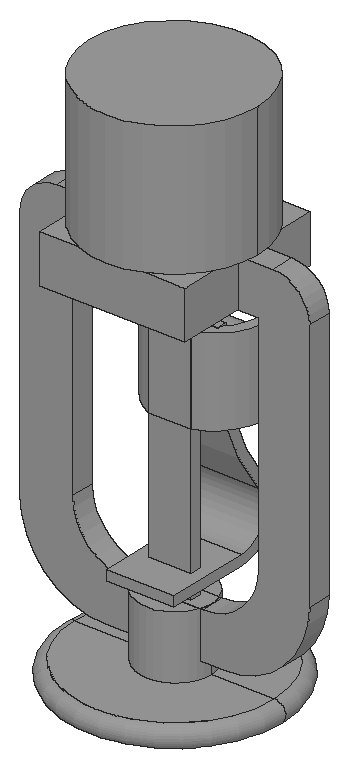
Revit family
Parameters (values of type "RASCO G PENDENT")
  Temperature Rating = 165 °F
  Response = (empty or 0)
  RASCO SIN # = "R1021"
  RASCO Part # = "GP13B"
  Pressure Rating = "175 PSI"
  Pressure Class = (empty or 0)
  Orifice Size = 3/8"
  Orifice = (empty or 0)
  Model = "G"
  Manufacturer = "RASCO"
  K-Factor = 2.82
  Description = "Brz. Finish"
  Coverage = (empty or 0)
Reference planes (in)
  plane 1 "Center (Front/Back)": y = 0
  plane 2: z = 0
  plane 3 "Center (Left/Right)": x = 0
Dimensions and locks (in)
  aligned and locked: plane 2 to level
Nested families (in)
  nested 1: "GP13B" at (-0.0055, 0, 2.875) x (-1, 0, 0) z (0, 0, -1), type "RASCO G PENDENT"
Connectors (in)
  piping at (-0.0055, 0, 2.875)
    settings: on nested 1, index 1, connector radius 0.45", flow factor 0, pipe flow 0 GPM, pressure drop 0.00 psi, fitting loss kfactor 0, connector angle 0.00°, fixture units 0, flow configuration 0, flow direction 0, fitting loss method 0, system type 7, connector reference index -1, connector utility 0, adjustable connector no, is connector primary yes, fitting loss table "", connector description ""
Definition of nested family "GP13B"
  Parameters (values of type "RASCO G PENDENT")
    Type Comments = ""
    Temperature Rating = 0 °F
    Response = (empty or 0)
    Pressure Rating = "0"
    Pressure Class = (empty or 0)
    Orifice Size = 0"
    Orifice = (empty or 0)
    Model = ""
    Manufacturer = ""
    K-Factor = 0
    Description = ""
    Coverage = (empty or 0)
    Assembly Code = ""
  Reference planes (in)
    plane 1 "Center (Front/Back)": y = 0
    plane 2: z = 0
    plane 3 "ref.2": z = 0.6875
    plane 4 "ref.3": z = 0.9375
    plane 5: x = -0.38065
    plane 6: x = 0.36935
    plane 7 "ref. side 1": y = 0.06402
    plane 8 "ref. side 2": y = -0.06098
    plane 9 "ref.4": z = 1.875
    plane 10 "ref.5": z = 2.875
    plane 11 "center": x = -0.00574
  Forms (in)
    Extrusion 1, solid, material "Default"
      sketch origin (0, 0, 0) x (1, 0, 0) y (0, 1, 0)
        loop
          circle (0, 0) r 0.438
      from 0 to 0.6875
    Extrusion 2, solid, material "Default"
      sketch origin (-0.12185, 0.05177, 0.6875) x (1, 0, 0) y (0, 1, 0)
        loop
          line (-0.2588, 0.356) -> (-0.2588, -0.4565) -> (0.4912, -0.4565) -> (0.4912, 0.356) -> (-0.2588, 0.356)
      from 0 to 0.25
    Extrusion 3, solid, material "Default"
      sketch origin (0, 0, 0) x (1, 0, 0) y (0, 0, 1)
        loop
          line (-0.49248, 0.9375) -> (-0.49248, 2.10276)
          arc (-0.49248, 2.10276) -> (-0.40724, 2.30855) -> (-0.20145, 2.39379) r 0.29103
          line (-0.20145, 2.39379) -> (0.18108, 2.39379)
          arc (0.18108, 2.39379) -> (0.38905, 2.30765) -> (0.47519, 2.09969) r 0.29411
          line (0.47519, 2.09969) -> (0.47519, 0.9375) -> (0.36935, 0.9375) -> (0.36935, 0.6875) -> (0.55741, 0.6875)
          arc (0.55741, 0.6875) -> (0.69165, 0.7431) -> (0.74725, 0.87734) r 0.18984
          line (0.74725, 0.87734) -> (0.74725, 2.19113)
          arc (0.74725, 2.19113) -> (0.61669, 2.50631) -> (0.3015, 2.63687) r 0.44574
          line (0.3015, 2.63687) -> (-0.30719, 2.63687)
          arc (-0.30719, 2.63687) -> (-0.62225, 2.50637) -> (-0.75275, 2.19131) r 0.44556
          line (-0.75275, 2.19131) -> (-0.75275, 0.87876)
          arc (-0.75275, 0.87876) -> (-0.69673, 0.74352) -> (-0.56149, 0.6875) r 0.19126
          line (-0.56149, 0.6875) -> (-0.38065, 0.6875) -> (-0.38065, 0.9375) -> (-0.49248, 0.9375)
      from -0.06402 to 0.06098
    Extrusion 4, solid, material "Default"
      sketch origin (-0.00199, 0, 2.4375) x (-1, 0, 0) y (0, -1, 0)
        loop
          circle (0.00574, -0.00152) r 0.1875
      from -0.04371 to 0.4375
    Revolve 5, solid, material "Default"
      sketch origin (-0.0011, 0, 0.30638) x (1, 0, 0) y (0, 0, 1)
        loop
          line (-0.00574, 2.41507) -> (-0.00574, 2.52719) -> (-0.52401, 2.52719)
          arc (-0.52401, 2.52719) -> (-0.58007, 2.47113) -> (-0.52401, 2.41507) r 0.05606
          line (-0.52401, 2.41507) -> (-0.00574, 2.41507)
        axis (-0.00574, 2.41507) -> (-0.00574, 2.52719)
      angle from 0 to 360
    Extrusion 6, solid, material "Default"
      sketch origin (0, 0, 0.9375) x (-1, 0, 0) y (0, -1, 0)
        loop
          line (-0.10175, -0.02852) -> (0.11324, -0.02852) -> (0.11324, 0.03101) -> (-0.10175, 0.03101) -> (-0.10175, -0.02852)
      from 0 to 1.45629
    Extrusion 7, solid, material "Default"
      sketch origin (-0.00574, -0.0095, -0.07537) x (0, 0, -1) y (0, -1, 0)
        loop
          line (-2.39379, 0.21198) -> (-2.39379, -0.229)
          arc (-2.39379, -0.229) -> (-2.26956, -0.41579) -> (-2.04926, -0.37342) r 0.20254
          arc (-2.04926, -0.37342) -> (-1.6599, -0.16721) -> (-1.22163, -0.12207) r 1.15319
          line (-1.22163, -0.12207) -> (-1.22163, -0.07087)
          arc (-1.22163, -0.07087) -> (-1.6782, -0.11947) -> (-2.0834, -0.33544) r 1.20419
          arc (-2.0834, -0.33544) -> (-2.24878, -0.36919) -> (-2.34279, -0.229) r 0.15154
          line (-2.34279, -0.229) -> (-2.34279, 0.21198) -> (-2.39379, 0.21198)
      from -0.17255 to 0.17398
    Extrusion 8, solid, material "Default"
      sketch origin (0, 0, 0) x (1, 0, 0) y (0, 1, 0)
        loop
          arc (0.23993, 0.23051) -> (0.19768, 0.11115) -> (0.10175, 0.02852) r 0.24647
          line (0.10175, 0.02852) -> (-0.11324, 0.02852)
          arc (-0.11324, 0.02852) -> (-0.21767, 0.12447) -> (-0.25194, 0.2621) r 0.24647
          line (-0.25194, 0.2621) -> (-0.25194, 0.40777) -> (-0.30719, 0.40777) -> (-0.30719, 0.25942)
          arc (-0.30719, 0.25942) -> (-0.25653, 0.08328) -> (-0.11324, -0.03101) r 0.30157
          line (-0.11324, -0.03101) -> (0.10175, -0.03101)
          arc (0.10175, -0.03101) -> (0.24461, 0.08262) -> (0.29574, 0.25785) r 0.30157
          line (0.29574, 0.25785) -> (0.29574, 0.40777) -> (0.23993, 0.40777) -> (0.23993, 0.23051)
      from 1.14626 to 1.59756
    Extrusion 9, solid, material "Default"
      sketch origin (-0.00574, -0.0095, -0.07537) x (0, 0, -1) y (0, -1, 0)
        loop
          circle (-1.44728, -0.26892) r 0.13147
      from -0.24568 to 0.24619
  Cuts and joins
    joined: Extrusion 1, Extrusion 2, Revolve 5
  Dimensions and locks (in)
    plane 10 "ref.5" to level = 2.875"
